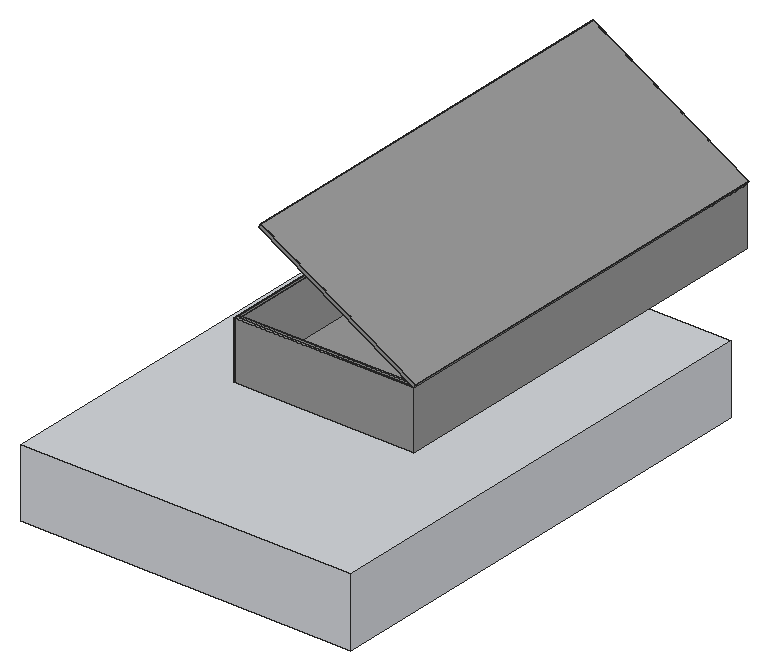
Revit family "Hager-Univers-IP41-D275-H1850-Cl.I-Steel_encl-NL-en", category Equipement électrique, Revit 2020
Family settings
  Hôte = Face
  Configuration du panneau = Deux colonnes, circuits au sein
  Cote de connecteur circulaire = Utiliser le diamètre
  Type d'élément = Tableau de raccordement
  Couper avec des vides une fois chargée = Non
  Partagée = Non
  Point de calcul de pièce = Non
Parameters (values of type "Surface mounted (plaster) IP41 W800 H1850 D275  - FS23E")
  Width Control [instance] = if([EF000008 - Width] > Min Width, [EF000008 - Width], Min Width)  # 800 mm
  Commentaires du type = [HG000003 - Range]  # "Univers"
  Thickness Door [instance] = if([EF009171 - Material plate thickness door/cover] > 3 mm, 3 mm, [EF009171 - Material plate thickness door/cover])  # 1.5 mm
  Seal Frame Offset [instance] = 17 mm  # constant formula
  Plinth Visibility [instance] = [HG000027 - Plinth height] > 0 mm  # no
  Model = ""
  Min Width [instance] = 100 mm  # constant formula
  Min Height [instance] = 100 mm  # constant formula
  Min Depth [instance] = (2 * [EF009170 - Material plate thickness cabinet]) + 1 mm  # 4 mm
  Internal Frame Depth [instance] = (Door System Depth * 0.5)  # 9 mm
  Height Control [instance] = if([EF000040 - Height] > Min Height, [EF000040 - Height], Min Height)  # 1850 mm
  HG000027 - Plinth height = 0 mm
  HG000026 - Floor standing = no
  HG000024 - Bottom section height = 800 mm
  HG000023 - Double section enclosure = no
  HG000016 - Door 3d visibility [instance] = yes
  HG000015 - Clearance visibility [instance] = no
  HG000014 - Door on the right [instance] = yes
  HG000013 - Door on the left [instance] = not([HG000014 - Door on the right])  # no
  HG000012 - Door swing angle [instance] = 30.00°
  HG000010 - Asymmetric doors = no
  HG000009 - Double swing door = no
  HG000006 - Flush mounted = no
  HG000004 - Manufacturer reference = "FS23E"
  HG000003 - Range = "Univers"
  HG000002 - With door or cover = yes
  Frame Offset Bottom [instance] = 10 mm  # constant formula
  Frame Offset [instance] = 15 mm  # constant formula
  EF015940 - Cover with overpressure release = no
  EF011959 - Degree of protection (NEMA) = ""
  EF009554 - Number of openings for flange plates = 6
  EF009212 - Cover model = "EV000116 - Closed"
  EF009171 - Material plate thickness door/cover = 1.5 mm
  EF009170 - Material plate thickness cabinet = 1.5 mm
  Fabricant = "Hager"  # constant formula
  EF008873 - Nominal current (In) = 630 A
  EF007800 - Suitable for lightning protection = no
  EF006306 - With lock = no
  EF006244 - Transparent cover/door = no
  EF005474 - Degree of protection (IP) = "EV006416 - IP41"
  EF004464 - Type of door = "EV002646 - Single"
  EF004427 - Number of modules = 432
  EF004293 - Impact strength = "EV006813 - IK07"
  EF003532 - Suitable for outdoor use = no
  EF002950 - Width in number of modular spacings = 24
  EF001613 - Circuit integrity = "EV000494 - None"
  EF001596 - Material housing = "EV000179 - Steel"
  EF001131 - Internal depth = 275 mm
  EF001088 - Extension possible = yes
  EF000437 - Number of conduit inlets = 6
  EF000339 - Type of cover = "EV004216 - Door"
  EF000266 - Number of rows = 12
  EF000218 - Built-in depth = 0 mm
  EF000118 - With mounting plate = no
  EF000116 - RAL-number = "7035"
  EF000049 - Depth = 275 mm
  EF000040 - Height = 1850 mm
  EF000008 - Width = 800 mm
  EF000007 - Colour = "EV000270 - Grey"
  EF000003 - Mounting method = "EV000384 - Surface mounted (plaster)"
  Door System Leaf Tolerance [instance] = 1.5 mm  # constant formula
  Door System Depth [instance] = 18 mm  # constant formula
  Door Height [instance] = Height Control - [HG000027 - Plinth height]  # 1850 mm
  Depth Control [instance] = if([EF000049 - Depth] > Min Depth, [EF000049 - Depth], Min Depth)  # 275 mm
  Default Elevation = 0 mm
  Connector Offset [instance] = Height Control / 2  # 925 mm
  Bottom Top Plate Trim [instance] = 1.5 mm  # constant formula
  Plinth height Ctrl [instance] = if([HG000027 - Plinth height] > 0 mm, [HG000027 - Plinth height], 12 mm)  # 12 mm
Types (5, lengths in mm): name | Width Control | HG000009 - Double swing door | HG000004 - Manufacturer reference | EF009554 - Number of openings for flange plates | EF004464 - Type of door | EF004427 - Number of modules | EF000437 - Number of conduit inlets | EF000008 - Width
  Surface mounted (plaster) IP41 W1050 H1850 D275  - FS24E | 1050 | yes | "FS24E" | 8 | "EV003602 - Double" | 576 | 8 | 1050
  Surface mounted (plaster) IP41 W1300 H1850 D275  - FS25E | 1300 | yes | "FS25E" | 10 | "EV003602 - Double" | 720 | 10 | 1300
  Surface mounted (plaster) IP41 W300 H1850 D275  - FS21E | 300 | no | "FS21E" | 2 | "EV002646 - Single" | 144 | 2 | 300
  Surface mounted (plaster) IP41 W550 H1850 D275  - FS22E | 550 | no | "FS22E" | 4 | "EV002646 - Single" | 288 | 4 | 550
  Surface mounted (plaster) IP41 W800 H1850 D275  - FS23E | 800 | no | "FS23E" | 6 | "EV002646 - Single" | 432 | 6 | 800
Reference planes
  plane 1 "Center (Front/Back)": y = 0
  plane 2: z = 0
  plane 3 "Center (Left/Right)": x = 0
  plane 4: z = 275
  plane 5: y = 1.5
  plane 6: y = 925
  plane 7: y = 0
  plane 8: y = 1850
  plane 9: z = 0
  plane 10: x = -385
  plane 11: x = 385
  plane 12: x = 383.5
  plane 13: x = -383.5
  plane 14: y = 1848.5
  plane 15: x = -383
  plane 16: x = -400
  plane 17: x = 383
  plane 18: x = 400
  plane 19: x = 398.5
  plane 20: x = -398.5
  plane 21: y = 11.5
  plane 22: y = 1850
  plane 23: y = 1833.5
  plane 24: z = 257
  plane 25: z = 1.5
  plane 26: z = 255.5
  plane 27: z = 273.5
Forms (mm)
  Extrusion 1, solid
    sketch origin (0, 0, 0) x (1, 0, 0) y (0, 1, 0)
      loop
        line (-702.964, 1305) -> (-702.964, -811.445) -> (766.763, -811.445) -> (766.763, 1305) -> (-702.964, 1305)
    from 0 to -304.8
  Extrusion 2, solid, material "Hager_Steel_RAL7035_Light_Grey", visible <- "Plinth Visibility", detail levels medium+fine
    sketch origin (0, 0, 0) x (1, 0, 0) y (0, 1, 0)
      loop
        line (-400, 0) -> (400, 0) -> (400, 12) -> (-400, 12) -> (-400, 0)
    from 0 to 257
  Extrusion 3, solid, material "Hager_Steel_RAL7035_Light_Grey", detail levels medium+fine
    sketch origin (0, 0, 0) x (1, 0, 0) y (0, 1, 0)
      loop
        line (-400, 0) -> (400, 0) -> (400, 1850) -> (-400, 1850) -> (-400, 0)
    from 0 to 257
  Extrusion 4, void
    sketch origin (0, 0, 0) x (1, 0, 0) y (0, 1, 0)
      loop
        line (-398.5, 1.5) -> (398.5, 1.5) -> (398.5, 1848.5) -> (-398.5, 1848.5) -> (-398.5, 1.5)
    from 1.5 to 255.5
  Extrusion 5, void
    sketch origin (-381.607, -4572, 257) x (0, -1, 0) y (-1, 0, 0)
      loop
        line (-4583.5, 1.893) -> (-6405.5, 1.893) -> (-6405.5, -765.107) -> (-4583.5, -765.107) -> (-4583.5, 1.893)
    from 0 to 1.5 <- "EF009170 - Material plate thickness cabinet"
  Extrusion 6, solid, material "Hager_Steel_RAL7035_Light_Grey", detail levels fine
    sketch origin (0, 0, 257) x (1, 0, 0) y (0, 1, 0)
      loop
        line (-383.5, 1833.5) -> (-383.5, 11.5) -> (383.5, 11.5) -> (383.5, 1833.5) -> (-383.5, 1833.5)
      loop
        line (-385, 10) -> (385, 10) -> (385, 1835) -> (-385, 1835) -> (-385, 10)
    from 0 to 9 <- "Internal Frame Depth"
  Extrusion 7, solid, material "Hager_Steel_RAL7035_Light_Grey", detail levels coarse
    sketch origin (0, 0, 0) x (1, 0, 0) y (0, 1, 0)
      loop
        line (-400, 0) -> (400, 0) -> (400, 1850) -> (-400, 1850) -> (-400, 0)
    from 0 to 275
  Sweep 8, void
    path in 3D
      loop
        line (-400, 12, 0) -> (400, 12, 0) -> (400, 12, 257) -> (-400, 12, 257) -> (-400, 12, 0)
    profile origin (-400, 12, 128.5) x (-1, 0, 0) y (0, -1, 0)
      loop
        line (0, 0) -> (0, 1.5) -> (-1.5, 1.5)
        arc (-1.5, 1.5) -> (-1.061, 0.439) -> (0, 0) r 1.5
Cuts and joins
  Extrusion 4, Extrusion 5 cuts Extrusion 3
  Sweep 8 cuts Extrusion 2
Lines and regions (mm)
  Masking region 1
    outline origin (0, 0, 0) x (1, 0, 0) y (0, 0, 1)
      loop
        line (-400, 275) -> (-400, 0) -> (400, 0) -> (400, 275) -> (-400, 275)
  Masking region 2, detail levels medium+fine
    outline origin (0, 140, 0) x (0, 1, 0) y (0, 0, 1)
      loop
        line (-140, 0) -> (1710, 0) -> (1710, 257) -> (-140, 257) -> (-140, 0)
  Masking region 3, not visible, detail levels medium+fine
    outline origin (0, 297.922, 0) x (0, 1, 0) y (0, 0, 1)
      loop
        line (638.578, 0) -> (678.578, 0) -> (678.578, 263.5)
        arc (678.578, 263.5) -> (675.649, 270.571) -> (668.578, 273.5) r 10
        line (668.578, 273.5) -> (638.578, 273.5) -> (638.578, 0)
  Masking region 4, detail levels coarse
    outline origin (0, 0, 180) x (0, 1, 0) y (0, 0, 1)
      loop
        line (0, -180) -> (1850, -180) -> (1850, 95) -> (0, 95) -> (0, -180)
  Masking region 5, visible <- "Plinth Visibility", detail levels medium+fine
    outline origin (0, 52.24, 12.345) x (0, 0, -1) y (0, 1, 0)
      loop
        line (10.845, -40.24) -> (-243.155, -40.24)
        arc (-243.155, -40.24) -> (-243.594, -41.301) -> (-244.655, -41.74) r 1.5
        line (-244.655, -41.74) -> (-244.655, -52.24) -> (12.345, -52.24) -> (12.345, -41.74)
        arc (12.345, -41.74) -> (11.285, -41.301) -> (10.845, -40.24) r 1.5
  Masking region 6, detail levels medium+fine
    outline origin (-381.607, -4572, 257) x (-1, 0, 0) y (0, -1, 0)
      loop
        line (18.393, -6422) -> (18.393, -4572) -> (-781.607, -4572) -> (-781.607, -6422) -> (18.393, -6422)
  Masking region 7, visible <- "Plinth Visibility", detail levels medium+fine
    outline origin (-381.607, -4727, 257) x (-1, 0, 0) y (0, -1, 0)
      loop
        arc (16.893, -4739) -> (17.332, -4737.939) -> (18.393, -4737.5) r 1.5
        line (18.393, -4737.5) -> (18.393, -4727) -> (-781.607, -4727) -> (-781.607, -4737.5)
        arc (-781.607, -4737.5) -> (-780.546, -4737.939) -> (-780.107, -4739) r 1.5
        line (-780.107, -4739) -> (16.893, -4739)
  Masking region 8, detail levels coarse
    outline origin (-442.548, -4669.526, 257) x (-1, 0, 0) y (0, -1, 0)
      loop
        line (-42.548, -6519.526) -> (-42.548, -4669.526) -> (-842.548, -4669.526) -> (-842.548, -6519.526) -> (-42.548, -6519.526)
  sketch lines
    curve 1: line (-400, 12, 257) -> (-400, 12, 0)
    curve 2: line (400, 12, 257) -> (-400, 12, 257)
    curve 3: line (400, 12, 257) -> (400, 12, 0)
    curve 4: line (-400, 12, 0) -> (400, 12, 0)
Dimensions and locks
  "Depth Control": plane 4 to Extrusion 1
  "HG000027 - Plinth height": plane 1 "Center (Front/Back)" to plane 7
  "EF009170 - Material plate thickness cabinet": plane 5 to plane 7
  locked: connector elem to plane 3 "Center (Left/Right)"
  equal spacing: plane 8, plane 6, plane 7
  locked: connector elem to plane 6
  "EF009170 - Material plate thickness cabinet": plane 8 to plane 14
  "EF009170 - Material plate thickness cabinet": plane 10 to plane 13
  "EF009170 - Material plate thickness cabinet": plane 12 to plane 11
  "Frame Offset": plane 20 to plane 13
  "Frame Offset": plane 12 to plane 19
  "EF009170 - Material plate thickness cabinet": plane 16 to plane 20
  "EF009170 - Material plate thickness cabinet": plane 19 to plane 18
  "Seal Frame Offset": plane 16 to plane 15
  "Seal Frame Offset": plane 17 to plane 18
  "Frame Offset Bottom": plane 21 to plane 5
  "Frame Offset": plane 14 to plane 23
  equal spacing: plane 16, plane 3 "Center (Left/Right)", plane 18
  "Width Control": plane 16 to plane 18
  "EF009170 - Material plate thickness cabinet": plane 4 to plane 27
  "EF009170 - Material plate thickness cabinet": plane 24 to plane 26
  "EF009170 - Material plate thickness cabinet": plane 25 to level
  "Door System Depth": plane 4 to plane 24
  "Height Control": plane 1 "Center (Front/Back)" to Extrusion 7 sketch curve
  "Height Control": Masking region 4 sketch curve to plane 1 "Center (Front/Back)"
  "Height Control": plane 1 "Center (Front/Back)" to plane 22
  "Bottom Top Plate Trim": profile plane to Sweep 8 sketch curve
  "Bottom Top Plate Trim": Sweep 8 sketch curve to profile plane
  "Plinth height Ctrl": plane 1 "Center (Front/Back)" to Extrusion 2 sketch curve
  "Plinth height Ctrl": Masking region 5 sketch curve to plane 1 "Center (Front/Back)"
  "Plinth height Ctrl": plane 1 "Center (Front/Back)" to Masking region 7 sketch curve
  "Thickness Door": Extrusion 6 sketch curve to Extrusion 6 sketch curve  (x3)
  "Thickness Door": cut or joined group of Extrusion 3, Extrusion 4, Extrusion 5 to Extrusion 6 sketch curve
  radius of Masking region 3 sketch curve = 10 mm
  "Bottom Top Plate Trim": radius of Masking region 5 sketch curve  (x2)
  "Bottom Top Plate Trim": radius of Sweep 8 sketch curve
  "Bottom Top Plate Trim": radius of Masking region 7 sketch curve  (x2)
  aligned and locked: plane 2 to Extrusion 1
  aligned and locked: level to Extrusion 1
  aligned and locked: level to Masking region 1 sketch curve
  aligned and locked: Masking region 1 sketch curve to plane 18
  aligned and locked: Masking region 1 sketch curve to plane 16
  aligned and locked: plane 7 to Masking region 2 sketch curve
  aligned and locked: level to Masking region 3 sketch curve
  aligned and locked: Masking region 3 sketch curve to plane 27
  aligned and locked: level to Masking region 2 sketch curve
  aligned and locked: plane 1 "Center (Front/Back)" to Extrusion 2 sketch curve
  aligned and locked: Extrusion 3 sketch curve to plane 7
  aligned and locked: plane 16 to Extrusion 3 sketch curve
  aligned and locked: plane 18 to Extrusion 3 sketch curve
  aligned and locked: plane 20 to Extrusion 4 sketch curve
  aligned and locked: plane 19 to Extrusion 4 sketch curve
  aligned and locked: Extrusion 4 sketch curve to plane 5
  aligned and locked: Extrusion 4 to plane 25
  aligned and locked: plane 26 to Extrusion 4
  aligned and locked: plane 24 to Extrusion 3
  aligned and locked: Extrusion 5 sketch curve to plane 21
  aligned and locked: Extrusion 5 sketch curve to plane 13
  aligned and locked: Extrusion 5 sketch curve to plane 12
  aligned and locked: plane 18 to Extrusion 7 sketch curve
  aligned and locked: plane 1 "Center (Front/Back)" to Extrusion 7 sketch curve
  aligned and locked: plane 16 to Extrusion 7 sketch curve
  aligned and locked: plane 4 to Extrusion 7
  aligned and locked: Extrusion 7 to level
  aligned and locked: level to Masking region 4 sketch curve
  aligned and locked: Masking region 4 sketch curve to plane 1 "Center (Front/Back)"
  aligned and locked: Masking region 4 sketch curve to plane 4
  aligned and locked: nested 1 to level
  aligned and locked: nested 1 to plane 16
  aligned and locked: plane 8 to Extrusion 3 sketch curve
  aligned and locked: plane 23 to Extrusion 5 sketch curve
  aligned and locked: plane 14 to Extrusion 4 sketch curve
  aligned and locked: Masking region 2 sketch curve to plane 8
  aligned and locked: level to Masking region 5 sketch curve
  aligned and locked: plane 16 to Extrusion 2 sketch curve
  aligned and locked: plane 18 to Extrusion 2 sketch curve
  aligned and locked: Masking region 5 sketch curve to plane 24
  aligned and locked: Masking region 2 sketch curve to plane 24
  aligned and locked: plane 24 to Extrusion 2
  aligned and locked: profile plane to Sweep 8 sketch curve  (x2)
  aligned and locked: Masking region 6 sketch curve to plane 18
  aligned and locked: Masking region 6 sketch curve to plane 22
  aligned and locked: Masking region 6 sketch curve to plane 16
  aligned and locked: plane 8 to plane 22
  aligned and locked: Masking region 6 sketch curve to plane 7
  aligned and locked: Masking region 7 sketch curve to plane 16
  aligned and locked: Masking region 7 sketch curve to plane 1 "Center (Front/Back)"
  aligned and locked: Masking region 7 sketch curve to plane 18
  aligned and locked: Masking region 8 sketch curve to plane 1 "Center (Front/Back)"
  aligned and locked: Masking region 8 sketch curve to plane 18
  aligned and locked: Masking region 8 sketch curve to plane 22
  aligned and locked: Masking region 8 sketch curve to plane 16
  aligned and locked: nested 2 to plane 7
  aligned and locked: plane 3 "Center (Left/Right)" to nested 2
  aligned and locked: nested 2 to plane 24
  aligned and locked: Extrusion 6 sketch curve to cut or joined group of Extrusion 3, Extrusion 4, Extrusion 5  (x4)
Automatic sketch dimensions
  Extrusion 1 sketch curve to Extrusion 1 sketch curve = 1469.727 mm
  Extrusion 1 sketch curve to Extrusion 1 sketch curve = 2116.445 mm
  Masking region 1 sketch curve to plane 4 = 0 mm
  plane 6 to Masking region 3 sketch curve = 11.5 mm
  Masking region 3 sketch curve to Masking region 3 sketch curve = 30 mm
  Masking region 5 sketch curve to plane 1 "Center (Front/Back)" = 0 mm
Nested families
  nested 1: "Hager_Enclosure_Symbol" at (-400, 0, 0) x (1, 0, 0) z (0, -1, 0), Height <- "Depth Control", Width <- "Width Control", type "Hager_Enclosure_Symbol"
    with Width_Ctrl 800 mm, Width 800 mm, Height_Ctrl 275 mm, Height 275 mm, A_Width_Int 18.047 mm, A_Width 216.562 mm, A_Height_Ctrl 240.625 mm, A_Height 240.625 mm
  nested 2: "EC000058_Univers_Door" at (0, 0, 257) x (1, 0, 0) z (0, 1, 0), Leaf_Tolerance <- "Door System Leaf Tolerance", Angle <- "HG000012 - Door swing angle", Door_Depth <- "Door System Depth", Door_Left <- "HG000013 - Door on the left", Transparent <- "EF006244 - Transparent cover/door", Assymetrical <- "HG000010 - Asymmetric doors", Width <- "Width Control", Clearance <- "HG000015 - Clearance visibility", Double <- "HG000009 - Double swing door", 3d_Door <- "HG000016 - Door 3d visibility", Lock_Visibility <- "EF006306 - With lock", Width_Ctrl <- "Width Control", Door_Right <- "HG000014 - Door on the right", Door <- "HG000002 - With door or cover", Height <- "Door Height", Thickness <- "Thickness Door", type "EC000058_Univers_Door", detail levels medium+fine
    with min_wh 4 mm, Width_Ctrl 800 mm, Width 800 mm, Transparent no, Thickness 1.5 mm, Seal_Material Hager_Rubber, Lock_Visibility no, Lock_Material Hager_Plastic_RAL9005_Jet_Black, Leaf_Width 800 mm, Leaf_Tolerance_External_Sides 0 mm, Leaf_Tolerance 1.5 mm, Leaf_Offset 0 mm, Leaf_Height 1847 mm, Leaf_2_Width 800 mm, Leaf_2_Offset 400 mm, Leaf_1_Width 800 mm, Leaf_1_Offset 400 mm, Height_Ctrl 1850 mm, Height 1850 mm, Glass_Material Hager_Glass, Double_Clearance_Ctrl no, Double no, Door_Right_Ctrl yes, Door_Right yes, Door_Material Hager_Steel_RAL7035_Light_Grey, Door_Left_Ctrl no, Door_Left no, Door_Depth 18 mm, Door yes, Clearance_Material Hager_Clearance, Clearance_Depth 800 mm, Clearance_Ctrl no, Clearance no, Assymetrical no, Angle 30.00°, 3d_Door yes
Connectors
  electrical at (0, 925, 0)
    settings: on plane 9, index 1, voltage 0 V, apparent load 0 VA, apparent load phase1 0 VA, apparent load phase2 0 VA, apparent load phase3 0 VA, power factor 1, load classification "Other", number of poles 1, system type 30, power factor state 1, is connector primary yes, connector utility no, sub classification motor no, connector description ""
Definition of nested family "EC000058_Univers_Door"
  Parameters (values of type "EC000058_Univers_Door")
    min_wh [instance] = (2 * Thickness) + 1 mm  # 11 mm
    Width_Ctrl [instance] = 400 mm
    Width [instance] = 500 mm
    Transparent [instance] = yes
    Thickness [instance] = 5 mm
    Seal_Material [instance] = none
    Lock_Visibility [instance] = yes
    Lock_Material [instance] = none
    Leaf_Width [instance] = if((Width_Ctrl - 2 * Leaf_Tolerance_External_Sides) > 0 mm, (Width_Ctrl - 2 * Leaf_Tolerance_External_Sides), min_wh)  # 400 mm
    Leaf_Tolerance_External_Sides [instance] = 0 mm  # constant formula
    Leaf_Tolerance [instance] = 1.5 mm
    Leaf_Offset [instance] = 0 mm  # constant formula
    Leaf_Height [instance] = if((Height_Ctrl - 2 * Leaf_Tolerance) > 0 mm, (Height_Ctrl - 2 * Leaf_Tolerance), min_wh)  # 497 mm
    Leaf_2_Width [instance] = if(and(and(Double, Assymetrical), Door_Left), (Leaf_Width / 3) - (Leaf_Tolerance / 2), if(and(and(Double, Assymetrical), Door_Right), (Leaf_Width / 3) * 2 - (Leaf_Tolerance / 2), if(and(Double, not(Assymetrical)), (Leaf_Width / 2) - Leaf_Tolerance, Leaf_Width)))  # 400 mm
    Leaf_2_Offset [instance] = if(and(Double, Assymetrical), Leaf_2_Width / 2, if(and(Double, not(Assymetrical)), Leaf_Width / 4, Leaf_Width / 2))  # 200 mm
    Leaf_1_Width [instance] = if(and(and(Double, Assymetrical), Door_Right), (Leaf_Width / 3) - (Leaf_Tolerance / 2), if(and(and(Double, Assymetrical), Door_Left), (Width / 3) * 2 - (Leaf_Tolerance / 2), if(and(Double, not(Assymetrical)), (Leaf_Width / 2) - Leaf_Tolerance, Leaf_Width)))  # 400 mm
    Leaf_1_Offset [instance] = if(and(Double, Assymetrical), Leaf_1_Width / 2, if(and(Double, not(Assymetrical)), Leaf_Width / 4, Leaf_Width / 2))  # 200 mm
    Height_Ctrl [instance] = if(Height > min_wh, Height, min_wh)  # 500 mm
    Height [instance] = 500 mm
    Glass_Material [instance] = none
    Double_Clearance_Ctrl [instance] = and(Double, Clearance)  # no
    Double [instance] = no
    Door_Right_Ctrl [instance] = and(or(Door_Right, Double), Door)  # yes
    Door_Right [instance] = yes
    Door_Material [instance] = none
    Door_Left_Ctrl [instance] = and(or(Door_Left, Double), Door)  # no
    Door_Left [instance] = no
    Door_Depth [instance] = 30 mm
    Door [instance] = yes
    Default Elevation = 1219.2 mm
    Clearance_Material [instance] = none
    Clearance_Depth [instance] = if(Leaf_1_Width > Leaf_2_Width, Leaf_1_Width, Leaf_2_Width)  # 400 mm
    Clearance_Ctrl [instance] = and(not(Double), Clearance)  # yes
    Clearance [instance] = yes
    Assymetrical [instance] = yes
    Angle [instance] = 30.00°
    3d_Door [instance] = yes
  Reference planes
    plane 1 "Center (Front/Back)": y = 0
    plane 2 "Bottom": z = 0
    plane 3 "Center (Left/Right)": x = 0
    plane 4: z = 500
    plane 5: x = -200
    plane 6: x = 200
    plane 7: z = 500
    plane 8: x = -200
    plane 9: z = 0
    plane 10: x = 200
    plane 11: y = 0
    plane 12: z = 1.5
    plane 13: x = -600
    plane 14: y = -400
    plane 15: x = 600
    plane 16: x = 0
    plane 17: x = 0
    plane 18: x = -200
    plane 19: x = 200
    plane 20: z = 498.5
  Forms (mm)
    Extrusion 1, solid, material <- "Clearance_Material", visible <- "Double_Clearance_Ctrl"
      sketch origin (1200, 0, 0) x (1, 0, 0) y (0, 0, -1)
        loop
          line (-1800, -498.5) -> (-600, -498.5) -> (-600, 0) -> (-1800, 0) -> (-1800, -498.5)
      from 0 to -400
  Dimensions and locks
    equal spacing: plane 5, plane 3 "Center (Left/Right)", plane 6
    "Width_Ctrl": plane 5 to plane 6
    "Leaf_Offset": plane 5 to plane 8
    "Leaf_Offset": plane 6 to plane 10
    "Leaf_Offset": plane 9 to level
    "Leaf_Offset": plane 4 to plane 7
    "Height_Ctrl": plane 4 to level
    "Leaf_Tolerance": plane 12 to plane 9
    locked: plane 11 to plane 1 "Center (Front/Back)"
    "Leaf_1_Offset": plane 18 to plane 16
    "Leaf_2_Offset": plane 17 to plane 19
    "Leaf_1_Width": plane 13 to plane 8
    "Leaf_2_Width": plane 10 to plane 15
    "Clearance_Depth": plane 14 to plane 1 "Center (Front/Back)"
    "Leaf_Tolerance_External_Sides": plane 8 to plane 18
    "Leaf_Tolerance_External_Sides": plane 19 to plane 10
    "Leaf_Tolerance": plane 7 to plane 20
    aligned and locked: level to plane 2 "Bottom"
    aligned and locked: nested 1 to plane 16
    aligned and locked: nested 2 to plane 17
    aligned and locked: Extrusion 1 to plane 13
    aligned and locked: plane 15 to Extrusion 1
    aligned and locked: Extrusion 1 to plane 14
    aligned and locked: plane 12 to nested 1
    aligned and locked: nested 2 to plane 12
    aligned and locked: Extrusion 1 to plane 11
    aligned and locked: plane 20 to Extrusion 1
    aligned and locked: nested 2 to plane 11
    aligned and locked: nested 1 to plane 11
  Automatic sketch dimensions
    Extrusion 1 sketch curve to level = 0 mm
    plane 5 to Extrusion 1 sketch curve = 400 mm
    plane 6 to Extrusion 1 sketch curve = 400 mm
    Extrusion 1 sketch curve to plane 4 = 1.5 mm
  Nested families
    nested 1: "EC000058_Univers_Door_Leaf" at (0, 0, 1.5), Width <- "Leaf_1_Width", visible <- "Door_Left_Ctrl", Leaf_Height <- "Leaf_Height", Angle <- "Angle", 3d_Door <- "3d_Door", Transparent <- "Transparent", Clearance Material <- "Clearance_Material", Clearance <- "Clearance_Ctrl", Door_Material <- "Door_Material", Glass_Material <- "Glass_Material", Door_Depth <- "Door_Depth", Lock_Material <- "Lock_Material", Seal_Material <- "Seal_Material", Lock_Visibility <- "Lock_Visibility", Thickness <- "Thickness", type "EC000058_Univers_Door_Leaf"
      with Width 400 mm, Transparent_Glass_Offset 30 mm, Transparent_Ctrl yes, Transparent yes, Thickness 5 mm, Standard no, Seal_Material none, Seal_D2 8 mm, Seal_D1 1 mm, Offset_Internal_Frame 10 mm, Lock_Width 20 mm, Lock_Visibility_3d yes, Lock_Visibility yes, Lock_Thickness_3 3 mm, Lock_Thickness_2 1 mm, Lock_Thickness_1 3 mm, Lock_Radius_Offset_2 16 mm, Lock_Radius_Offset_1 15 mm, Lock_Radius_2 5 mm, Lock_Radius 6 mm, Lock_Offset 5 mm, Lock_Material none, Lock_Height 80 mm, Lock_Cover_Top_Offset_2d 17 mm, Lock_Cover_Height -65 mm, Leaf_Height 497 mm, Internal_Seal_Thickness 8 mm, Internal_Seal_Depth_2 4.5 mm, Internal_Frame_Depth 25 mm, Glass_Thickness -1 mm, Glass_Offset -2 mm, Glass_Material none, Door_Material none, Door_Depth 30 mm, Clearance Material none, Clearance yes, Angle_Ctrl 30.00°, Angle 30.00°, 3d_Door yes
    nested 2: "EC000058_Univers_Door_Leaf" at (0, 0, 1.5) x (-1, 0, 0) z (0, 0, 1), Width <- "Leaf_2_Width", visible <- "Door_Right_Ctrl", Leaf_Height <- "Leaf_Height", Angle <- "Angle", 3d_Door <- "3d_Door", Transparent <- "Transparent", Clearance Material <- "Clearance_Material", Clearance <- "Clearance_Ctrl", Door_Material <- "Door_Material", Glass_Material <- "Glass_Material", Door_Depth <- "Door_Depth", Lock_Material <- "Lock_Material", Seal_Material <- "Seal_Material", Lock_Visibility <- "Lock_Visibility", Thickness <- "Thickness", type "EC000058_Univers_Door_Leaf"
      with Width 400 mm, Transparent_Glass_Offset 30 mm, Transparent_Ctrl yes, Transparent yes, Thickness 5 mm, Standard no, Seal_Material none, Seal_D2 8 mm, Seal_D1 1 mm, Offset_Internal_Frame 10 mm, Lock_Width 20 mm, Lock_Visibility_3d yes, Lock_Visibility yes, Lock_Thickness_3 3 mm, Lock_Thickness_2 1 mm, Lock_Thickness_1 3 mm, Lock_Radius_Offset_2 16 mm, Lock_Radius_Offset_1 15 mm, Lock_Radius_2 5 mm, Lock_Radius 6 mm, Lock_Offset 5 mm, Lock_Material none, Lock_Height 80 mm, Lock_Cover_Top_Offset_2d 17 mm, Lock_Cover_Height -65 mm, Leaf_Height 497 mm, Internal_Seal_Thickness 8 mm, Internal_Seal_Depth_2 4.5 mm, Internal_Frame_Depth 25 mm, Glass_Thickness -1 mm, Glass_Offset -2 mm, Glass_Material none, Door_Material none, Door_Depth 30 mm, Clearance Material none, Clearance yes, Angle_Ctrl 30.00°, Angle 30.00°, 3d_Door yes
  Definition of nested family "EC000058_Univers_Door_Leaf"
    Parameters (values of type "EC000058_Univers_Door_Leaf")
      Width [instance] = 2000 mm
      Transparent_Glass_Offset [instance] = 30 mm
      Transparent_Ctrl [instance] = and(Transparent, [3d_Door])  # yes
      Transparent [instance] = yes
      Thickness [instance] = 5 mm
      Standard [instance] = and(not(Transparent), [3d_Door])  # no
      Seal_Material [instance] = none
      Seal_D2 [instance] = 8 mm  # constant formula
      Seal_D1 [instance] = 1 mm  # constant formula
      Offset_Internal_Frame [instance] = 10 mm  # constant formula
      Lock_Width [instance] = 20 mm  # constant formula
      Lock_Visibility_3d [instance] = and(Lock_Visibility, [3d_Door])  # yes
      Lock_Visibility [instance] = yes
      Lock_Thickness_3 [instance] = 3 mm  # constant formula
      Lock_Thickness_2 [instance] = 1 mm  # constant formula
      Lock_Thickness_1 [instance] = 3 mm  # constant formula
      Lock_Radius_Offset_2 [instance] = Lock_Radius_Offset_1 + 1 mm  # 16 mm
      Lock_Radius_Offset_1 [instance] = 15 mm  # constant formula
      Lock_Radius_2 [instance] = Lock_Radius - 1 mm  # 5 mm
      Lock_Radius [instance] = 6 mm  # constant formula
      Lock_Offset [instance] = 5 mm  # constant formula
      Lock_Material [instance] = none
      Lock_Height [instance] = 80 mm  # constant formula
      Lock_Cover_Top_Offset_2d [instance] = Lock_Radius_Offset_2 + 1 mm  # 17 mm
      Lock_Cover_Height [instance] = -(Lock_Height - Lock_Radius_Offset_1)  # -65 mm
      Leaf_Height [instance] = 2720.336 mm
      Internal_Seal_Thickness [instance] = 8 mm  # constant formula
      Internal_Seal_Depth_2 [instance] = 4.5 mm  # constant formula
      Internal_Frame_Depth [instance] = if(Door_Depth - Thickness > 5 mm, Door_Depth - Thickness, 5 mm)  # 25 mm
      Glass_Thickness [instance] = if(Thickness > 15 mm, Glass_Offset + 10 mm, -1 mm)  # -1 mm
      Glass_Offset [instance] = if(Thickness > 15 mm, -(Thickness + 10 mm) / 2, -2 mm)  # -2 mm
      Glass_Material [instance] = none
      Door_Material [instance] = none
      Door_Depth [instance] = 30 mm
      Default Elevation = 0 mm
      Clearance Material [instance] = none
      Clearance [instance] = yes
      Angle_Ctrl [instance] = if(Angle > 180.00°, 180.00°, Angle)  # 90.00°
      Angle [instance] = 90.00°
      3d_Door [instance] = yes
    Reference planes
      plane 1 "Center (Front/Back)": y = 0
      plane 2: z = 0
      plane 3 "Center (Left/Right)": x = 0
      plane 4: y = 2000
      plane 5: x = -1000
      plane 6: x = 1000
      plane 7: x = -3000
      plane 8: z = 2720.336
      plane 9: z = 30
      plane 10: z = 2690.336
      plane 11: x = 970
      plane 12: x = -970
      plane 13: y = -3
      plane 14: z = 107.833
      plane 15: y = -5
      plane 16: y = -223.314
      plane 17: x = -1000
      plane 18: z = 1360.168
      plane 19: y = 30
    Forms (mm)
      Extrusion 1, solid, material <- "Clearance Material", visible <- "Clearance"
        sketch origin (0, 0, 0) x (1, 0, 0) y (0, 0, 1)
          loop
            line (-3000, 2720.336) -> (-3000, 0) -> (1000, 0) -> (1000, 2720.336) -> (-3000, 2720.336)
        from 0 to -2000
      Extrusion 2, solid, material <- "Door_Material", visible <- "Standard", detail levels medium+fine
        sketch origin (-1000, 0, 0) x (0, 1, 0) y (-1, 0, 0)
          loop
            line (0, 30) -> (0, 25) -> (2000, 25) -> (2000, 30) -> (0, 30)
        from 0 to 2720.336 <- "Leaf_Height"
      Extrusion 3, solid, material <- "Door_Material", visible <- "Transparent_Ctrl", detail levels medium+fine
        sketch origin (-1000, 0, 0) x (0, 1, 0) y (-1, 0, 0)
          loop
            line (0, 25) -> (2000, 25) -> (2000, 30) -> (0, 30) -> (0, 25)
        from 0 to 2720.336 <- "Leaf_Height"
      Extrusion 4, void
        sketch origin (-1025, 2000, 0) x (0, 1, 0) y (0, 0, -1)
          loop
            line (-30, -2690.336) -> (-30, -30) -> (-1970, -30) -> (-1970, -2690.336) -> (-30, -2690.336)
        from 0 to 5 <- "Thickness"
      Sweep 5, solid, material <- "Seal_Material", visible <- "Transparent_Ctrl", detail levels fine
        path in 3D
          loop
            line (-1025, 30, 30) -> (-1025, 30, 2690.336) -> (-1025, 1970, 2690.336) -> (-1025, 1970, 30) -> (-1025, 30, 30)
        profile origin (-1025, 1000, 30) x (1, 0, 0) y (0, 0, 1)
          loop
            line (0, 0) -> (0, -8) -> (1, -8) -> (1, 0) -> (0, 0)
      Extrusion 6, solid, material <- "Glass_Material", visible <- "Transparent_Ctrl", detail levels medium+fine
        sketch origin (-1030, 0, 0) x (0, 1, 0) y (0, 0, -1)
          loop
            line (1970, -2690.336) -> (1970, -30) -> (30, -30) -> (30, -2690.336) -> (1970, -2690.336)
        from -2 <- "Glass_Offset" to -1 <- "Glass_Thickness"
      Extrusion 7, solid, material <- "Door_Material", visible <- "3d_Door", detail levels medium+fine
        sketch origin (-1025, 2000, 0) x (0, -1, 0) y (0, 0, -1)
          loop
            line (0, -2720.336) -> (2000, -2720.336) -> (2000, 0) -> (0, 0) -> (0, -2720.336)
          loop
            line (1995, -5) -> (5, -5) -> (5, -2715.336) -> (1995, -2715.336) -> (1995, -5)
        from 0 to 25 <- "Internal_Frame_Depth"
      Sweep 8, solid, material <- "Seal_Material", visible <- "Transparent_Ctrl", detail levels fine
        path in 3D
          loop
            line (-1025, 0, 0) -> (-1025, 2000, 0) -> (-1025, 2000, 2720.336) -> (-1025, 0, 2720.336) -> (-1025, 0, 0)
        profile origin (-1025, 0, 1360.168) x (1, 0, 0) y (0, 1, 0)
          loop
            line (0, 10) -> (2.975, 10)
            arc (2.975, 10) -> (4.053, 10.447) -> (4.5, 11.525) r 1.525
            line (4.5, 11.525) -> (4.5, 16.527)
            arc (4.5, 16.527) -> (4.069, 17.569) -> (3.027, 18) r 1.473
            line (3.027, 18) -> (0, 18) -> (0, 10)
      Extrusion 9, solid, material <- "Lock_Material", visible <- "Lock_Visibility_3d", detail levels fine
        sketch origin (-1030, 0, 0) x (0, 1, 0) y (0, 0, -1)
          loop
            arc (1993.5, -1400.168) -> (1994.561, -1399.729) -> (1995, -1398.668) r 1.5
            line (1995, -1398.668) -> (1995, -1320.168) -> (1975, -1320.168) -> (1975, -1398.668)
            arc (1975, -1398.668) -> (1975.439, -1399.729) -> (1976.5, -1400.168) r 1.5
            line (1976.5, -1400.168) -> (1993.5, -1400.168)
        from 3 <- "Lock_Thickness_1" to 0
      Blend 10, solid, material <- "Lock_Material", visible <- "Lock_Visibility_3d", detail levels fine
        base sketch origin (-1033, 0, 0) x (0, 1, 0) y (0, 0, -1)
          loop
            line (1975, -1320.168) -> (1975, -1398.668)
            arc (1975, -1398.668) -> (1975.439, -1399.729) -> (1976.5, -1400.168) r 1.5
            line (1976.5, -1400.168) -> (1993.5, -1400.168)
            arc (1993.5, -1400.168) -> (1994.561, -1399.729) -> (1995, -1398.668) r 1.5
            line (1995, -1398.668) -> (1995, -1320.168) -> (1975, -1320.168)
        top sketch origin (-1033, 0, 0) x (0, 1, 0) y (0, 0, -1)
          loop
            line (1976, -1320.168) -> (1976, -1398.668)
            arc (1976, -1398.668) -> (1976.146, -1399.022) -> (1976.5, -1399.168) r 0.5
            line (1976.5, -1399.168) -> (1993.5, -1399.168)
            arc (1993.5, -1399.168) -> (1993.854, -1399.022) -> (1994, -1398.668) r 0.5
            line (1994, -1398.668) -> (1994, -1320.168) -> (1976, -1320.168)
        from 0 to 1 <- "Lock_Thickness_2"
      Blend 11, solid, material <- "Lock_Material", visible <- "Lock_Visibility_3d", detail levels fine
        base sketch origin (-1034, 0, 0) x (0, 1, 0) y (0, 0, -1)
          loop
            line (1978, -1320.168) -> (1978, -1384.168)
            arc (1978, -1384.168) -> (1985, -1391.168) -> (1992, -1384.168) r 7
            line (1992, -1384.168) -> (1992, -1320.168) -> (1978, -1320.168)
        top sketch origin (-1034, 0, 0) x (0, 1, 0) y (0, 0, -1)
          loop
            line (1991, -1320.168) -> (1979, -1320.168) -> (1979, -1383.168)
            arc (1979, -1383.168) -> (1985, -1389.168) -> (1991, -1383.168) r 6
            line (1991, -1383.168) -> (1991, -1320.168)
        from 0 to 3 <- "Lock_Thickness_3"
      Extrusion 12, solid, material <- "Lock_Material", visible <- "Lock_Visibility_3d", detail levels fine
        sketch origin (-1030, 1975, 1320.168) x (1, 0, 0) y (0, -1, 0)
          loop
            line (-7, -19) -> (-7, -1) -> (0, -1) -> (0, 0) -> (-8, 0) -> (-8, -20) -> (0, -20) -> (0, -19) -> (-7, -19)
        from 0 to -65 <- "Lock_Cover_Height"
      Extrusion 13, void
        sketch origin (-1038, 1995, 1320.168) x (-1, 0, 0) y (0, 0, -1)
          loop
            line (-5, -65) -> (0, -65) -> (-5, -60) -> (-5, -65)
        from 0 to 20 <- "Lock_Width"
      Extrusion 14, void
        sketch origin (-1038, 1975, 1320.168) x (0, -1, 0) y (0, 0, -1)
          loop
            circle (-10, -15.995) r 6
          loop
            circle (-10, -15.995) r 5
        from 0 to 2
      Extrusion 15, solid, material <- "Lock_Material", visible <- "Lock_Visibility_3d", detail levels medium
        sketch origin (-1030, 0, 0) x (0, 1, 0) y (0, 0, -1)
          loop
            arc (1993.5, -1400.168) -> (1994.561, -1399.729) -> (1995, -1398.668) r 1.5
            line (1995, -1398.668) -> (1995, -1320.168) -> (1975, -1320.168) -> (1975, -1398.668)
            arc (1975, -1398.668) -> (1975.439, -1399.729) -> (1976.5, -1400.168) r 1.5
            line (1976.5, -1400.168) -> (1993.5, -1400.168)
        from 8 to 0
    Cuts and joins
      Extrusion 4 cuts Extrusion 3
      Extrusion 13, Extrusion 14 cuts Extrusion 9
      Extrusion 14 cuts Blend 11
      Extrusion 13, Extrusion 14 cuts Extrusion 12
      joined: Extrusion 9, Blend 10, Blend 11, Extrusion 12
      Extrusion 14 cuts Extrusion 15
    Lines and regions (mm)
      Masking region 1, visible <- "Lock_Visibility", detail levels fine
        outline origin (0, 0, 0) x (0, 1, 0) y (0, 0, 1)
          loop
            line (30, 1320.168) -> (33, 1320.168) -> (33, 1400.168) -> (30, 1400.168) -> (30, 1320.168)
      Masking region 2, visible <- "Lock_Visibility", detail levels fine
        outline origin (0, 3.143, 0) x (0, 1, 0) y (0, 0, 1)
          loop
            line (29.857, 1354.168) -> (30.857, 1354.168) -> (30.857, 1366.168) -> (29.857, 1366.168) -> (29.857, 1354.168)
      Masking region 3, detail levels medium+fine
        outline origin (0, 0, 0) x (0, 1, 0) y (0, 0, 1)
          loop
            line (0, 0) -> (30, 0) -> (30, 2720.336) -> (0, 2720.336) -> (0, 0)
      Masking region 4, detail levels medium+fine
        outline origin (0, 0, 0) x (1, 0, 0) y (0, 0, 1)
          loop
            line (-1000, 2720.336) -> (-1000, 0) -> (1000, 0) -> (1000, 2720.336) -> (-1000, 2720.336)
      Masking region 5, visible <- "Lock_Visibility", detail levels fine
        outline origin (-47.116, 0, 0) x (1, 0, 0) y (0, 0, 1)
          loop
            arc (1024.616, 1399.168) -> (1023.556, 1398.729) -> (1023.116, 1397.668) r 1.5
            line (1023.116, 1397.668) -> (1023.116, 1320.168) -> (1041.116, 1320.168) -> (1041.116, 1397.668)
            arc (1041.116, 1397.668) -> (1040.677, 1398.729) -> (1039.616, 1399.168) r 1.5
            line (1039.616, 1399.168) -> (1024.616, 1399.168)
      Masking region 6, visible <- "Lock_Visibility", detail levels medium+fine
        outline origin (-25, 0, 0) x (1, 0, 0) y (0, 0, 1)
          loop
            arc (1001.5, 1400.168) -> (1000.439, 1399.729) -> (1000, 1398.668) r 1.5
            line (1000, 1398.668) -> (1000, 1320.168) -> (1020, 1320.168) -> (1020, 1398.668)
            arc (1020, 1398.668) -> (1019.561, 1399.729) -> (1018.5, 1400.168) r 1.5
            line (1018.5, 1400.168) -> (1001.5, 1400.168)
      Masking region 7, visible <- "Lock_Visibility", detail levels fine
        outline origin (-73.735, 0, 0) x (1, 0, 0) y (0, 0, 1)
          loop
            line (1051.735, 1382.168) -> (1065.735, 1382.168) -> (1065.735, 1384.168)
            arc (1065.735, 1384.168) -> (1058.735, 1391.168) -> (1051.735, 1384.168) r 7
            line (1051.735, 1384.168) -> (1051.735, 1382.168)
      Masking region 8, visible <- "Lock_Visibility", detail levels fine
        outline origin (-73.735, 0, 0) x (1, 0, 0) y (0, 0, 1)
          loop
            line (1052.735, 1382.168) -> (1064.735, 1382.168) -> (1064.735, 1383.168)
            arc (1064.735, 1383.168) -> (1058.735, 1389.168) -> (1052.735, 1383.168) r 6
            line (1052.735, 1383.168) -> (1052.735, 1382.168)
      Masking region 9, visible <- "Lock_Visibility", detail levels fine
        outline origin (-25, 0, 0) x (1, 0, 0) y (0, 0, 1)
          loop
            line (1020, 1320.168) -> (1020, 1382.168) -> (1000, 1382.168) -> (1000, 1320.168) -> (1020, 1320.168)
      Masking region 10, detail levels medium+fine
        outline origin (0, 0, 0) x (1, 0, 0) y (0, 0, 1)
          loop
            circle (985, 1335.144) r 6
      Masking region 11, detail levels fine
        outline origin (0, 0, 0) x (1, 0, 0) y (0, 0, 1)
          loop
            circle (985, 1335.144) r 5
      Masking region 12, visible <- "Lock_Visibility", detail levels fine
        outline origin (0, 12.767, 0) x (0, 1, 0) y (0, 0, 1)
          loop
            line (20.233, 1320.168) -> (21.233, 1320.168) -> (21.233, 1399.168) -> (20.233, 1400.168) -> (20.233, 1320.168)
      Masking region 13, visible <- "Lock_Visibility", detail levels fine
        outline origin (0, 13.767, -10) x (0, 1, 0) y (0, 0, 1)
          loop
            line (20.233, 1330.168) -> (23.233, 1330.168) -> (23.233, 1399.168) -> (20.233, 1402.168) -> (20.233, 1330.168)
      Masking region 14, visible <- "Lock_Visibility", detail levels fine
        outline origin (0, 12.767, -10) x (0, 1, 0) y (0, 0, 1)
          loop
            line (20.233, 1330.168) -> (25.233, 1330.168) -> (25.233, 1399.305) -> (20.233, 1394.305) -> (20.233, 1330.168)
      Masking region 15, visible <- "Lock_Visibility", detail levels medium
        outline origin (0, 0, 0) x (0, 1, 0) y (0, 0, 1)
          loop
            line (30, 1320.168) -> (38, 1320.168) -> (38, 1400.168) -> (30, 1400.168) -> (30, 1320.168)
      Masking region 16, visible <- "Lock_Visibility", detail levels fine
        outline origin (-1000, 0, 0) x (0, 1, 0) y (-1, 0, 0)
          loop
            line (1975, 30) -> (1995, 30) -> (1995, 38) -> (1975, 38) -> (1975, 30)
          loop
            line (1979, 37) -> (1976, 37) -> (1976, 34) -> (1978, 34) -> (1979, 37)
          loop
            line (1994, 37) -> (1991, 37) -> (1992, 34) -> (1994, 34) -> (1994, 37)
      Masking region 17, visible <- "Lock_Visibility", detail levels medium
        outline origin (-1000, 0, 0) x (0, 1, 0) y (-1, 0, 0)
          loop
            line (1975, 30) -> (1995, 30) -> (1995, 38) -> (1975, 38) -> (1975, 30)
      symbolic lines
        curve 1: line (1000, 0, 0) -> (-3000, 0, 0)
        curve 2: arc (1000, 0, 0) -> (-1000, 2000, 0) -> (-3000, 0, 0) r 2000
        curve 4: line (-1030, 0, 0) -> (-1030, 2000, 0)
      reference lines
        curve 3: line (-1000, 0, 0) -> (-1000, 2000, 0)
      symbolic lines, detail levels medium+fine
        curve 5: line (-1030, 2000, 0) -> (-1025, 2000, 0)
        curve 7: line (-1025, 0, 0) -> (-1030, 0, 0)
        curve 8: line (-1025, 0, 0) -> (-1000, 0, 0)
        curve 9: line (-1000, 0, 0) -> (-1000, 2000, 0)
        curve 10: line (-1000, 2000, 0) -> (-1025, 2000, 0)
      symbolic lines, detail levels fine
        curve 6: line (-1025, 2000, 0) -> (-1025, 0, 0)
      sketch lines
        curve 11: line (-1025, 0, 2720.336) -> (-1025, 0, 0)
        curve 12: line (-1025, 2000, 0) -> (-1025, 0, 0)
        curve 13: line (-1025, 2000, 2720.336) -> (-1025, 2000, 0)
        curve 14: line (-1025, 0, 2720.336) -> (-1025, 2000, 2720.336)
        curve 15: line (-1025, 1970, 30) -> (-1025, 30, 30)
        curve 16: line (-1025, 30, 30) -> (-1025, 30, 2690.336)
        curve 17: line (-1025, 1970, 2690.336) -> (-1025, 1970, 30)
        curve 18: line (-1025, 30, 2690.336) -> (-1025, 1970, 2690.336)
      symbolic lines, visible <- "Transparent", detail levels medium+fine
        curve 19: line (-970, 0, 2690.336) -> (970, 0, 2690.336)
        curve 20: line (-970, 0, 30) -> (-970, 0, 2690.336)
        curve 21: line (970, 0, 30) -> (-970, 0, 30)
        curve 22: line (970, 0, 2690.336) -> (970, 0, 30)
    Dimensions and locks
      "Width": plane 1 "Center (Front/Back)" to plane 4
      equal spacing: plane 5, plane 3 "Center (Left/Right)", plane 6
      "Width": plane 5 to plane 6
      "Width": plane 7 to plane 5
      "Leaf_Height": plane 8 to level
      "Width": curve 5 to curve 3
      "Width": curve 3 to curve 3
      plane 8 to plane 10 = 30 mm
      plane 9 to level = 30 mm
      plane 12 to plane 5 = 30 mm
      plane 6 to plane 11 = 30 mm
      Extrusion 1 to Extrusion 4 sketch curve = 30 mm
      "Transparent_Glass_Offset": curve 3 to Extrusion 4 sketch curve
      "Transparent_Glass_Offset": Extrusion 4 sketch curve to cut or joined group of Extrusion 3, Extrusion 4  (x2)
      cut or joined group of Extrusion 3, Extrusion 4 to Extrusion 6 sketch curve = 30 mm
      "Transparent_Glass_Offset": cut or joined group of Extrusion 3, Extrusion 4 to Extrusion 4 sketch curve
      "Thickness": curve 6 to curve 4
      "Thickness": Extrusion 7 sketch curve to Extrusion 7 sketch curve  (x4)
      "Door_Depth": curve 4 to curve 3
      "Offset_Internal_Frame": profile plane to Sweep 8 sketch curve
      "Internal_Seal_Thickness": Sweep 8 sketch curve to Sweep 8 sketch curve
      "Internal_Seal_Depth_2": profile plane to Sweep 8 sketch curve
      "Seal_D1": profile plane to Sweep 5 sketch curve
      "Seal_D2": profile plane to Sweep 5 sketch curve
      "Thickness": Extrusion 2 sketch curve to Extrusion 2 sketch curve
      equal spacing: Extrusion 9 sketch curve, plane 18, Extrusion 9 sketch curve  (x2)
      equal spacing: Masking region 1 sketch curve, plane 18, Masking region 1 sketch curve
      "Lock_Height": Masking region 1 sketch curve to Masking region 1 sketch curve
      "Lock_Radius": Masking region 2 sketch curve to plane 18 to Masking region 2 sketch curve
      Masking region 2 sketch curve to Masking region 1 = 1 mm
      "Door_Depth": plane 19 to plane 1 "Center (Front/Back)"
      "Lock_Thickness_1": Masking region 1 sketch curve to plane 19
      "Lock_Width": Extrusion 9 sketch curve to Extrusion 9 sketch curve
      "Lock_Height": Extrusion 9 sketch curve to Extrusion 9 sketch curve
      "Lock_Offset": cut or joined group of Extrusion 3, Extrusion 4 to Extrusion 9 sketch curve
      equal spacing: plane 8, plane 18, level
      "Lock_Radius_Offset_1": Blend 11 sketch curve to Blend 10
      locked: Blend 10 to Blend 11 sketch curve at 2  (x2)
      locked: var sketch to Blend 11 sketch curve at 1  (x2)
      "Lock_Radius_Offset_2": Blend 11 sketch curve to Blend 10
      locked: Extrusion 12 sketch curve to Extrusion 12 sketch curve at 1  (x3)
      Masking region 6 sketch curve to Masking region 6 sketch curve = 80 mm
      "Lock_Height": Masking region 6 sketch curve to Masking region 6 sketch curve
      "Lock_Width": Masking region 6 sketch curve to Masking region 6 sketch curve
      locked: Masking region 6 to Masking region 5 sketch curve at 1  (x3)
      locked: Masking region 5 to Masking region 7 sketch curve at 2  (x2)
      "Lock_Radius_Offset_1": Masking region 5 to Masking region 7 sketch curve
      "Lock_Radius_Offset_2": Masking region 5 to Masking region 8 sketch curve
      locked: Masking region 7 to Masking region 8 sketch curve at 1  (x2)
      "Lock_Cover_Top_Offset_2d": Masking region 5 to Masking region 9 sketch curve
      equal spacing: Masking region 9, Masking region 10 sketch curve, Masking region 9
      equal spacing: Masking region 9, Masking region 11 sketch curve, Masking region 9
      Extrusion 15 sketch curve to Extrusion 15 sketch curve = 80 mm
      "Lock_Width": Extrusion 15 sketch curve to Extrusion 15 sketch curve
      "Lock_Height": Extrusion 15 sketch curve to Extrusion 15 sketch curve
      equal spacing: Extrusion 15 sketch curve, plane 18, Extrusion 15 sketch curve
      "Lock_Thickness_3": Masking region 13 sketch curve to Masking region 13 sketch curve
      "Lock_Height": Masking region 12 sketch curve to Masking region 12 sketch curve
      locked: Masking region 13 sketch curve to Masking region 1 at 8
      locked: Masking region 14 sketch curve to Masking region 13 at 1
      locked: Masking region 14 sketch curve to Masking region 1 at 10.863
      "Lock_Height": Masking region 15 sketch curve to Masking region 15 sketch curve
      "Lock_Offset": Extrusion 15 sketch curve to cut or joined group of Extrusion 3, Extrusion 4
      "Lock_Offset": plane 6 to Masking region 6 sketch curve
      radius of Sweep 8 sketch curve = 1.525 mm
      radius of Sweep 8 sketch curve = 1.473 mm
      radius of Extrusion 9 sketch curve = 1.5 mm  (x2)
      "Lock_Radius": radius of Extrusion 14 sketch curve
      "Lock_Radius_2": radius of Extrusion 14 sketch curve
      "Lock_Radius": radius of Masking region 10 sketch curve
      "Lock_Radius_2": radius of Masking region 11 sketch curve
      radius of Extrusion 15 sketch curve = 1.5 mm  (x2)
      "Angle_Ctrl": angle plane 1 "Center (Front/Back)" to curve 3
      locked: Masking region 12 sketch curve to Masking region 12 sketch curve (angle 45.00°)
      locked: Masking region 13 sketch curve to Masking region 13 sketch curve (angle 45.00°)
      locked: Masking region 14 sketch curve to Masking region 14 sketch curve (angle 45.00°)
      aligned and locked: level to plane 2
      aligned and locked: Extrusion 1 to curve 1
      aligned and locked: plane 6 to Extrusion 1
      aligned and locked: Extrusion 1 to plane 1 "Center (Front/Back)"
      aligned and locked: plane 4 to Extrusion 1
      aligned and locked: plane 8 to Extrusion 1
      aligned and locked: curve 7 to Extrusion 2 sketch curve
      aligned and locked: curve 5 to Extrusion 2 sketch curve
      aligned and locked: curve 7 to Extrusion 3 sketch curve
      aligned and locked: Extrusion 3 sketch curve to curve 4
      aligned and locked: Extrusion 3 sketch curve to curve 6
      aligned and locked: Extrusion 3 sketch curve to curve 5
      aligned and locked: curve 9 to curve 3
      aligned and locked: Extrusion 7 sketch curve to cut or joined group of Extrusion 3, Extrusion 4  (x4)
      aligned and locked: plane 17 to curve 3
      aligned and locked: plane 1 "Center (Front/Back)" to curve 3
      aligned and locked: plane 17 to plane 5
      aligned and locked: Sweep 8 sketch curve to profile plane
      aligned and locked: Sweep 5 sketch curve to profile plane  (x2)
      aligned and locked: Masking region 1 to Masking region 2 sketch curve
      aligned and locked: plane 19 to Masking region 1 sketch curve
      aligned and locked: plane 1 "Center (Front/Back)" to Masking region 3 sketch curve
      aligned and locked: plane 19 to Masking region 3 sketch curve
      aligned and locked: level to Masking region 3 sketch curve
      aligned and locked: Masking region 3 sketch curve to plane 8
      aligned and locked: plane 17 to Masking region 4 sketch curve
      aligned and locked: level to Masking region 4 sketch curve
      aligned and locked: Masking region 4 sketch curve to plane 8
      aligned and locked: plane 12 to curve 20
      aligned and locked: plane 10 to curve 19
      aligned and locked: plane 11 to curve 22
      aligned and locked: curve 21 to plane 9
      aligned and locked: Extrusion 2 sketch curve to cut or joined group of Extrusion 3, Extrusion 4
      aligned and locked: Blend 10 sketch curve to Extrusion 9  (x4)
      aligned and locked: Extrusion 9 to Blend 10 sketch curve
      aligned and locked: Blend 10 to Blend 11 sketch curve
      aligned and locked: Extrusion 12 sketch curve to Blend 11
      aligned and locked: Extrusion 12 sketch curve to Extrusion 9  (x4)
      aligned and locked: Masking region 5 sketch curve to Masking region 6
      aligned and locked: Masking region 9 sketch curve to Masking region 6  (x3)
      aligned and locked: Masking region 12 sketch curve to Masking region 1
      aligned and locked: Masking region 13 sketch curve to Masking region 1
      aligned and locked: Masking region 12 to Masking region 14
      aligned and locked: Masking region 14 sketch curve to Masking region 1
      aligned and locked: Masking region 15 sketch curve to Masking region 14
      aligned and locked: Masking region 13 sketch curve to Masking region 12
      aligned and locked: Masking region 16 sketch curve to cut or joined group of Extrusion 14, Extrusion 15  (x4)
      aligned and locked: Masking region 16 sketch curve to cut or joined group of Extrusion 9, Blend 10, Blend 11, Extrusion 12, Extrusion 13, Extrusion 14  (x6)
      aligned and locked: cut or joined group of Extrusion 9, Blend 10, Blend 11, Extrusion 12, Extrusion 13, Extrusion 14 to Masking region 16 sketch curve
      aligned and locked: Masking region 17 sketch curve to cut or joined group of Extrusion 14, Extrusion 15  (x3)
      aligned and locked: Masking region 17 sketch curve to cut or joined group of Extrusion 9, Blend 10, Blend 11, Extrusion 12, Extrusion 13, Extrusion 14
      aligned and locked: Masking region 9 to Masking region 8 sketch curve
      aligned and locked: Masking region 9 to Masking region 7 sketch curve
    Automatic sketch dimensions
      plane 1 "Center (Front/Back)" to curve 2 = 0 mm
      curve 2 to plane 5 = 0 mm
      Extrusion 1 sketch curve to level = 0 mm
      Extrusion 1 sketch curve to plane 7 = 0 mm
      Extrusion 1 sketch curve to plane 6 = 0 mm
      Extrusion 1 sketch curve to plane 8 = 0 mm
      Extrusion 3 to Extrusion 6 sketch curve = 30 mm  (x4)
      Masking region 4 sketch curve to plane 6 = 0 mm
      Blend 10 sketch curve to Extrusion 9 = 1.5 mm
      Blend 10 sketch curve to Extrusion 9 = 1 mm
      Extrusion 13 sketch curve to Extrusion 12 = 0 mm  (x2)
      Extrusion 12 to Extrusion 13 sketch curve = 3 mm
      Extrusion 13 sketch curve to Extrusion 12 = 5 mm
      Extrusion 14 sketch curve to Extrusion 14 sketch curve = 0 mm  (x2)
      Extrusion 14 sketch curve to Extrusion 12 = 10 mm
      Extrusion 14 sketch curve to Extrusion 12 = 15.995 mm
      Masking region 5 sketch curve to Masking region 5 sketch curve = 1.5 mm  (x2)
      Masking region 10 sketch curve to plane 18 = 25.024 mm
      Masking region 11 sketch curve to plane 18 = 25.024 mm
      plane 19 to Masking region 14 sketch curve = 3 mm
      Masking region 16 sketch curve to Masking region 16 sketch curve = 3 mm
      curve 4 to curve 3 = 0 mm
      Blend 10 to Blend 11 sketch curve = 0 mm
      Masking region 6 sketch curve to Masking region 6 sketch curve = 1.5 mm  (x2)
      Masking region 6 sketch curve to plane 18 = 40 mm
      plane 19 to Masking region 12 sketch curve = 3 mm
      Masking region 12 sketch curve to Masking region 12 sketch curve = 1 mm
      Masking region 15 sketch curve to plane 19 = 0 mm
      Masking region 15 sketch curve to plane 18 = 40 mm
      radius of Blend 10 sketch curve to Extrusion 9 = 1 mm
Definition of nested family "Hager_Enclosure_Symbol"
  Parameters (values of type "Hager_Enclosure_Symbol")
    Width_Ctrl [instance] = if(Width > 1 mm, Width, 1 mm)  # 102.27 mm
    Width [instance] = 102.27 mm
    Height_Ctrl [instance] = if(Height > 1 mm, Height, 1 mm)  # 66.5 mm
    A_Width_Int [instance] = if(A_Width / 12 > 2 mm, A_Width / 12, 2 mm)  # 4.364 mm
    A_Width [instance] = if(A_Height_Ctrl * 0.9 > 2 mm, A_Height_Ctrl * 0.9, 2 mm)  # 52.369 mm
    A_Height_Ctrl [instance] = if(A_Height > 2 mm, A_Height, 2 mm)  # 58.188 mm
    Height [instance] = 66.5 mm
    A_Height [instance] = Height - (Height / 8)  # 58.188 mm
  Reference planes
    plane 1 "Centre (avant/arrière)": y = 0
    plane 2: z = 0
    plane 3 "Centre (gauche/droite)": x = 0
    plane 4: x = 52.369
    plane 5: y = 33.042
    plane 6: y = 41.77
    plane 7: y = 66.5
    plane 8: x = 26.184
    plane 9: y = 37.406
    plane 10: x = 102.27
    plane 11: y = 66.5
    plane 12: y = 8.313
  Lines and regions (mm)
    Filled region 1, type "Solid_Black", in view "Niveau de réf."
      outline origin (0, 0, 0) x (1, 0, 0) y (0, 1, 0)
        loop
          line (52.369, 66.5) -> (33.188, 54.536) -> (45.365, 45.006) -> (52.369, 66.5)
    Filled region 2, type "Solid_Black", in view "Niveau de réf."
      outline origin (0, 0, 0) x (1, 0, 0) y (0, 1, 0)
        loop
          line (0, 0) -> (102.27, 0) -> (102.27, 66.5) -> (0, 0)
    detail lines, in view "Niveau de réf."
      curve 1: line (0, 8.313, 0) -> (26.184, 41.77, 0)
      curve 2: line (26.184, 41.77, 0) -> (26.184, 33.042, 0)
      curve 3: line (26.184, 33.042, 0) -> (52.369, 66.5, 0)
  Dimensions and locks
    "A_Width": plane 3 "Centre (gauche/droite)" to plane 4
    equal spacing: plane 3 "Centre (gauche/droite)", plane 8, plane 4
    equal spacing: plane 6, plane 9, plane 5
    equal spacing: curve 3, Filled region 1 sketch curve, Filled region 1 sketch curve
    "Height_Ctrl": plane 1 "Centre (avant/arrière)" to plane 11
    "A_Height_Ctrl": plane 11 to plane 12
    equal spacing: plane 11, plane 9, plane 12
    "A_Width_Int": plane 6 to plane 9
    "Width_Ctrl": plane 3 "Centre (gauche/droite)" to plane 10
    angle Filled region 1 sketch curve to curve 3 = 20.00°
    angle curve 3 to Filled region 1 sketch curve = 20.00°
    locked: curve 3 to Filled region 1 sketch curve (angle 90.00°)
    aligned and locked: plane 10 to Filled region 2
    aligned and locked: plane 11 to Filled region 2 sketch curve
    aligned and locked: plane 10 to Filled region 2 sketch curve
    aligned and locked: plane 3 "Centre (gauche/droite)" to curve 1
    aligned and locked: plane 12 to curve 1
    aligned and locked: plane 7 to plane 11
  Automatic sketch dimensions
    Filled region 1 sketch curve to plane 4 = 0 mm
    Filled region 1 sketch curve to plane 7 = 0 mm
    plane 1 "Centre (avant/arrière)" to Filled region 2 sketch curve = 0 mm
    Filled region 2 sketch curve to plane 3 "Centre (gauche/droite)" = 0 mm
    curve 2 to plane 6 = 0 mm
    curve 2 to plane 8 = 0 mm
    curve 3 to plane 4 = 0 mm
    curve 2 to plane 5 = 0 mm
    curve 3 to plane 7 = 0 mm
